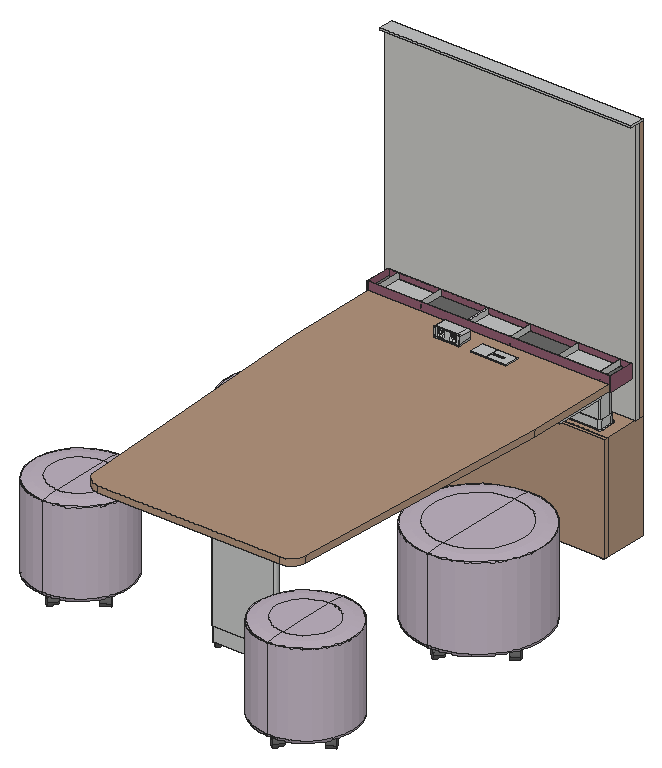
Revit family "Expansion_Casegoods-Meeting_01-Teknion-R2018", category Furniture Systems, Revit 2018
Family settings
  Round Connector Dimension = Use Diameter
  Part Type = Normal
  OmniClass Number = 23.40.70.14.64.21
  OmniClass Title = Systems Furniture
  Work Plane-Based = No
  Always vertical = Yes
  Cut with Voids When Loaded = No
  Shared = Yes
  Room Calculation Point = No
Parameters (values of type "Meeting 01")
  Warranty = "http://www.teknion.com/ca/papers/legal-canada"
  Unit Weight URL = "http://www.teknion.com/ca/tools/assets#&asset=bee6a381-b954-425e-8283-5a2de3a804f2,f828d448-4b62-4231-9e5f-9a8991c0ed77"
  URL = "www.teknion.com"
  To render please download texture images found here [instance] = "https://assets.teknion.com/web/5e81352c1dfdb467/revit-material-swatches/"
  Sustainability Data = "https://www.teknion.com/ca/tools/assets#&topic=216f99a5-57a0-44fc-b10a-9dee9b29ae4c&asset=444deb64-fe58-4b68-981e-f75e97781df7,b4ff2d81-9f2e-437d-9659-7cffb09c31cf"
  Series = "Expansion Casegoods"  # constant formula
  Product Page URL = "https://www.teknionplanningtool.com/#?Meeting-01-ExpCasegoods"
  Product Line = "Expansion Casegoods"  # constant formula
  Model = "Expansion Casegoods Meeting 01"
  Material Finish Note [instance] = "Click on Edit Family to change the finishes."  # constant formula
  Manufacturer Phone = "416-661-3370"  # constant formula
  Manufacturer Fax = "416.661.4586"  # constant formula
  Manufacturer Contact Information = "http://www.teknion.com/ca/contactus"
  Manufacturer Address = "1150 Flint Road, Toronto, ON. M3J 2J5. Canada"  # constant formula
  Manufacturer = "Teknion"  # constant formula
  How To Use Teknion Materials User Guide [instance] = "https://assets.teknion.com/m/205dd0a49fa58060/original/How-to-add-a-Material-Library-and-Texture-Images-to-your-Revit-project.pdf"
  For Additional Finishes please visit [instance] = "https://assets.teknion.com/m/44a8009b046e5d47/original/Teknion_Materials_Library.zip"
  Description = "6'-6” x 6'-6”"
  Assembly Code = "E2020200"
Reference planes (in)
  plane 1 "Center F/B": y = 3.80936
  plane 2: z = 0
  plane 3 "Center L/R": x = -4.63608
  plane 4 "Top": z = 29
  plane 5: x = -42.48552
  plane 6: y = -38.32902
  plane 7: y = 45.94774
  plane 8: x = 33.21336
Dimensions and locks (in)
  locked: plane 4 "Top" to level at 29
  equal spacing: plane 5, plane 3 "Center L/R", plane 8
  equal spacing: plane 7, plane 1 "Center F/B", plane 6
  plane 5 to plane 8 = 75.69888"
  plane 7 to plane 6 = 84.27676"
  aligned and locked: level to plane 2
Nested families (in)
  nested 1: "Seating-Collaborative_Ottoman-Teknion-NCOR-R2015" at (-23.3767, 20.89464, 0), type "Med. 24" Dia., Lounge 18-1/2" h, Single Upholstery"
  nested 2: "Caster_Wheel-Collaborative_Ottoman-Teknion-NCOR_dna-R2015" at (-29.2548, 28.98462, 0), type "Caster"
    with Caster Finish Plastic - Teknion - 52 - Ebony
  nested 3: "Caster_Wheel-Collaborative_Ottoman-Teknion-NCOR_dna-R2015" at (-13.86155, 17.80028, 0) x (0.5878, -0.809, 0) z (0, 0, 1), type "Caster"
    with Caster Finish Plastic - Teknion - 52 - Ebony
  nested 4: "Caster_Wheel-Collaborative_Ottoman-Teknion-NCOR_dna-R2015" at (-32.89806, 17.80086, 0) x (0.9511, -0.3089, 0) z (0, 0, 1), type "Caster"
    with Caster Finish Plastic - Teknion - 52 - Ebony
  nested 5: "Caster_Wheel-Collaborative_Ottoman-Teknion-NCOR_dna-R2015" at (-23.37916, 10.89384, 0) x (0.809, -0.5878, 0) z (0, 0, 1), type "Caster"
    with Caster Finish Plastic - Teknion - 52 - Ebony
  nested 6: "Workstations-Multi_Level-Teknion-BH_MT_Peninusla_Bevel_Post_Leg_Mid_Height-R2018" at (1.37498, 11.13459, 0), type "1-3/16" Worksurface Thickness, Mid-Height Configuration, End of Worksurface - Rectangular & Square Grommet"
    with Worksurface Finish Source Laminate - Teknion - 3M - Provincial Oak, Width 75.000", To render please download texture images found here "https://assets.teknion.com/web/5e81352c1dfdb467/revit-material-swatches/", Shared Outlets for Regular Powebar and IEC Powerbar no, Powerbar Note "Please select one of the following below.", No Powerbar yes, Integrated Powerbar with IEC Outlet no, Integrated Powerbar no, How To Use Teknion Materials User Guide "https://assets.teknion.com/m/205dd0a49fa58060/original/How-to-add-a-Material-Library-and-Texture-Images-to-your-Revit-project.pdf", Height 28.000", Grommet Finish Paint - Teknion - Mica - Platinum, For Additional Finishes please visit "https://assets.teknion.com/m/44a8009b046e5d47/original/Teknion_Materials_Library.zip", Depth 46.000", Connection Node Visibility yes, Base Finish Paint - Teknion - Mica - Platinum, Available Widths "69, 75, 81, or 87 inches.", Available Heights "26 to 48 inches in 1 inch increments.", Available Depths "40 or 46 inches.", Actual Height 27.807", Actual Depth 45.760"
  nested 7: "Workstations-Multi_Level-Teknion-BHKHA-Mid_Height_Kneespace_Module-R2018" at (-0.48828, 41.21348, 0), type "9"d x 21"h"
    with Width 48.000", To render please download texture images found here "https://assets.teknion.com/web/5e81352c1dfdb467/revit-material-swatches/", How To Use Teknion Materials User Guide "https://assets.teknion.com/m/205dd0a49fa58060/original/How-to-add-a-Material-Library-and-Texture-Images-to-your-Revit-project.pdf", Front Finish Source Laminate - Teknion - 3M - Provincial Oak, For Additional Finishes please visit "https://assets.teknion.com/m/44a8009b046e5d47/original/Teknion_Materials_Library.zip", Connection Node Visibility yes, Case Finish Source Laminate - Teknion - 3M - Provincial Oak, Cabinet Hole Offset 2.334", Cabinet Divider Cut Hole Depth 0.500", Cabinet Divider 2D Lines no, Available Widths "42, 48, 54, 60, 66, 72, 78, 84, or 90 inches.", Actual Width 47.760"
  nested 8: "Storage-Mounted-Teknion-B_WPA-Wall_Panel-R2018" at (-0.6056, 45.43677, 0), type "Mid-Height Mounting Style"
    with Width 48.000", Top and Accessory Rail Finish Paint - Teknion - Mica - Platinum, Tackboard Upholstery Finish Fabric-Teknion-RB13-Carrera, Tackboard Bottom Starting Offset 21.000", Power/Data Visibility no, Power/Data Plan View Offset 23.880", Power and Data Under Worksurface - Right no, Power and Data Under Worksurface - Left no, Power and Data Under Worksurface - Center no, Power and Data Over Worksurface - Right no, Power and Data Over Worksurface - Left no, Power and Data Over Worksurface - Center no, Power Data Height Offset 3.480", Porcelain/Glass Markerboard Visibility no, Panel Finish Source Laminate - Teknion - 3M - Provincial Oak, No Power and Data yes, Linear LED Light Width Type none, Light Shelf Note "Light Shelf can only be specified if the Has Top Shelf & Accessory Rail option is selected above.", Has Porcelain Markerboard no, Has No Accessory Board no, Has Linear LED Light no, Has Light Shelf no, Has Glass Markerboard no, Has Felt Tackboard yes, Has Fabric Tackboard no, Has Accessory Rail no, Glass Markerboard Finish Back-painted Glass - K7 - Teknion - Very White, Fabric/Felt Tackboard Visibility yes, Datum Height Note "Select either 66 Datum Height or 72 Datum Height.", Bottom of Standard Overhead Cabinet mounted at 72" no, Bottom of Standard Overhead Cabinet mounted at 66" no, Bottom of Cubic Overhead Cabinet mounted at 72" no, Bottom of Cubic Overhead Cabinet mounted at 66" no, Available Widths "24, 30, 36, 42, 48, 54, 60, 66, 72, 78, 84, or 90 inches.", Available Electrical Options "Choose No Power and Data.", Actual Width 47.760", Actual Height 71.626", Accessories Note "Choose one of the following options below.", 72" Datum Height yes, 66" Datum Height no
  nested 9: "Desk_Accessories-Teknion-BALWO_Lateral_Worksurface_Organizer-R2018" at (-0.45206, 41.76866, 28.996) x (0, 1, 0) z (0, 0, 1), type "Lateral Worksurface Organizer"
    with Top End Bay Visibility yes, To render please download texture images found here "https://assets.teknion.com/web/5e81352c1dfdb467/revit-material-swatches/", Sliding Tray Finish Paint - Teknion - Mica - Platinum, Organizer Finish Paint - Teknion - Accent - Plum, Liner Finish Fabric-Teknion-RB11-Carbon, How To Use Teknion Materials User Guide "https://assets.teknion.com/m/205dd0a49fa58060/original/How-to-add-a-Material-Library-and-Texture-Images-to-your-Revit-project.pdf", For Additional Finishes please visit "https://assets.teknion.com/m/44a8009b046e5d47/original/Teknion_Materials_Library.zip", Depth 46.000", Center Bay Visibility yes, Bottom End Bay Visibility yes, Available Depths "17, 21, 23, 24, 27, 29, 30, 35, 36, 40, 41, or 46 inches.", Actual Depth 46.242"
  nested 10: "Electrical-Teknion-BEEPC_Power_Cube-R2018" at (-4.6303, 35.46485, 28.996), type "Dual - Power Only"
    with To render please download texture images found here "https://assets.teknion.com/web/5e81352c1dfdb467/revit-material-swatches/", How To Use Teknion Materials User Guide "https://assets.teknion.com/m/205dd0a49fa58060/original/How-to-add-a-Material-Library-and-Texture-Images-to-your-Revit-project.pdf", For Additional Finishes please visit "https://assets.teknion.com/m/44a8009b046e5d47/original/Teknion_Materials_Library.zip", Case, Back & Front Finish Paint - Teknion - Mica - Platinum
  nested 11: "Seating-Collaborative_Ottoman-Teknion-NCOR-R2015" at (21.24021, 9.52342, 0), type "Med. 24" Dia., Lounge 18-1/2" h, Single Upholstery"
  nested 12: "Caster_Wheel-Collaborative_Ottoman-Teknion-NCOR_dna-R2015" at (15.36212, 17.6134, 0), type "Caster"
    with Caster Finish Plastic - Teknion - 52 - Ebony
  nested 13: "Caster_Wheel-Collaborative_Ottoman-Teknion-NCOR_dna-R2015" at (30.75536, 6.42906, 0) x (0.5878, -0.809, 0) z (0, 0, 1), type "Caster"
    with Caster Finish Plastic - Teknion - 52 - Ebony
  nested 14: "Caster_Wheel-Collaborative_Ottoman-Teknion-NCOR_dna-R2015" at (11.71886, 6.42963, 0) x (0.9511, -0.3089, 0) z (0, 0, 1), type "Caster"
    with Caster Finish Plastic - Teknion - 52 - Ebony
  nested 15: "Caster_Wheel-Collaborative_Ottoman-Teknion-NCOR_dna-R2015" at (21.23776, -0.47739, 0) x (0.809, -0.5878, 0) z (0, 0, 1), type "Caster"
    with Caster Finish Plastic - Teknion - 52 - Ebony
  nested 16: "Seating-Collaborative_Ottoman-Teknion-NCOR-R2015" at (-33.49321, -16.68673, 0), type "Small 18" Dia., Lounge 18-1/2" h, Single Upholstery"
  nested 17: "Caster_Wheel-Collaborative_Ottoman-Teknion-NCOR_dna-R2015" at (-37.60795, -11.0238, 0), type "Caster"
    with Caster Finish Plastic - Teknion - 52 - Ebony
  nested 18: "Caster_Wheel-Collaborative_Ottoman-Teknion-NCOR_dna-R2015" at (-26.8313, -18.85425, 0) x (0.5878, -0.809, 0) z (0, 0, 1), type "Caster"
    with Caster Finish Plastic - Teknion - 52 - Ebony
  nested 19: "Caster_Wheel-Collaborative_Ottoman-Teknion-NCOR_dna-R2015" at (-40.16147, -18.85325, 0) x (0.9511, -0.3089, 0) z (0, 0, 1), type "Caster"
    with Caster Finish Plastic - Teknion - 52 - Ebony
  nested 20: "Caster_Wheel-Collaborative_Ottoman-Teknion-NCOR_dna-R2015" at (-33.49566, -23.68753, 0) x (0.809, -0.5878, 0) z (0, 0, 1), type "Caster"
    with Caster Finish Plastic - Teknion - 52 - Ebony
  nested 21: "Seating-Collaborative_Ottoman-Teknion-NCOR-R2015" at (19.45555, -29.3423, 0), type "Small 18" Dia., Lounge 18-1/2" h, Single Upholstery"
  nested 22: "Caster_Wheel-Collaborative_Ottoman-Teknion-NCOR_dna-R2015" at (15.34081, -23.67937, 0), type "Caster"
    with Caster Finish Plastic - Teknion - 52 - Ebony
  nested 23: "Caster_Wheel-Collaborative_Ottoman-Teknion-NCOR_dna-R2015" at (26.11746, -31.50983, 0) x (0.5878, -0.809, 0) z (0, 0, 1), type "Caster"
    with Caster Finish Plastic - Teknion - 52 - Ebony
  nested 24: "Caster_Wheel-Collaborative_Ottoman-Teknion-NCOR_dna-R2015" at (12.7873, -31.50882, 0) x (0.9511, -0.3089, 0) z (0, 0, 1), type "Caster"
    with Caster Finish Plastic - Teknion - 52 - Ebony
  nested 25: "Caster_Wheel-Collaborative_Ottoman-Teknion-NCOR_dna-R2015" at (19.4531, -36.34311, 0) x (0.809, -0.5878, 0) z (0, 0, 1), type "Caster"
    with Caster Finish Plastic - Teknion - 52 - Ebony
Definition of nested family "Seating-Collaborative_Ottoman-Teknion-NCOR-R2015"
  Parameters (values of type "Med. 24" Dia., Teknion dna 16" h, Single Upholstery")
    Wheel Placement = if(Diameter = 24.000", 8.4375", 6.09375")  # 8.4375"
    Warranty = "http://www.teknion.com/ca/papers/legal-canada"
    Upholstery Note = "If Single Upholstery Style, Base and Top Upholstery Finish must be the same."  # constant formula
    Top Upholstery Style = none
    Unit Weight URL = "http://www.teknion.com/ca/tools/assets#&asset=bee6a381-b954-425e-8283-5a2de3a804f2f828d448-4b62-4231-9e5f-9a8991c0ed77"
    URL = "www.teknion.com"
    Sustainability Data = "http://www.teknion.com/ca/tools/assets#&topic=216f99a5-57a0-44fc-b10a-"
    Series = "Teknion"  # constant formula
    Product Page URL = "http://www.teknion.com/ca/products/product-details?productlineid=af6e336e-8e7a-673b-a6c8-ff00004460c4"
    Product Line = "Seating"  # constant formula
    Product Documentation Link = "http://www.teknion.com/pricing/seating/pdfs/Collaborative_Ottoman_ppg.pdf"
    Part Number = "NCOR"  # constant formula
    Model = "NCORMDS"
    Manufacturer Phone = "416-661-3370"  # constant formula
    Manufacturer Fax = "416.661.4586"  # constant formula
    Manufacturer Contact Information = "http://www.teknion.com/ca/contactus"
    Manufacturer Address = "1150 Flint Road, Toronto, ON. M3J 2J5. Canada"  # constant formula
    Manufacturer = "Teknion"  # constant formula
    Height = 16.000"
    Diameter = 24.000"
    Description = "Collaborative Ottoman - Round (Single Upholstery), Med. 24\" Dia., Teknion dna 16\" h"
    Caster Finish = none
    Base Upholstery Style = none
    Back Caster Horizontal Offset = if(Diameter = 24.000", 5.37109", 4.13672")  # 5.37109"
    Assembly Code = "E2020200"
  Types (8): name | Wheel Placement | Sustainability Data | Model | Height | Diameter | Description | Back Caster Horizontal Offset
    Med. 24" Dia., Teknion dna 16" h, Single Upholstery | 8.4375" | "http://www.teknion.com/ca/tools/assets#&topic=216f99a5-57a0-44fc-b10a-" | "NCORMDS" | 16.000" | 24.000" | "Collaborative Ottoman - Round (Single Upholstery), Med. 24\" Dia., Teknion dna 16\" h" | 5.37109"
    Small 18" Dia., Lounge 18-1/2" h, Double Upholstery | 6.09375" | "http://www.teknion.com/ca/tools/assets#&topic=216f99a5-57a0-44fc-b10a-9dee9b29ae4c&asset=444deb64-fe58-4b68-981e-f75e97781df7" | "NCORSLD" | 18.500" | 18.000" | "Collaborative Ottoman - Round (Double Upholstery), Small 18\" Dia., Lounge 18-1/2\" h" | 4.13672"
    Small 18" Dia., Teknion dna 16" h, Double Upholstery | 6.09375" | "http://www.teknion.com/ca/tools/assets#&topic=216f99a5-57a0-44fc-b10a-9dee9b29ae4c&asset=444deb64-fe58-4b68-981e-f75e97781df7" | "NCORSDD" | 16.000" | 18.000" | "Collaborative Ottoman - Round (Double Upholstery), Small 18\" Dia., Teknion dna 16\" h" | 4.13672"
    Med. 24" Dia., Lounge 18-1/2" h, Double Upholstery | 8.4375" | "http://www.teknion.com/ca/tools/assets#&topic=216f99a5-57a0-44fc-b10a-9dee9b29ae4c&asset=444deb64-fe58-4b68-981e-f75e97781df7" | "NCORMLD" | 18.500" | 24.000" | "Collaborative Ottoman - Round (Single Upholstery), Med. 24\" Dia., Lounge 18-1/2\" h" | 5.37109"
    Med. 24" Dia., Teknion dna 16" h, Double Upholstery | 8.4375" | "http://www.teknion.com/ca/tools/assets#&topic=216f99a5-57a0-44fc-b10a-9dee9b29ae4c&asset=444deb64-fe58-4b68-981e-f75e97781df7" | "NCORMDD" | 16.000" | 24.000" | "Collaborative Ottoman - Round (Double Upholstery), Med. 24\" Dia., Teknion dna 16\" h" | 5.37109"
    Small 18" Dia., Lounge 18-1/2" h, Single Upholstery | 6.09375" | "http://www.teknion.com/ca/tools/assets#&topic=216f99a5-57a0-44fc-b10a-" | "NCORSLS" | 18.500" | 18.000" | "Collaborative Ottoman - Round (Single Upholstery), Small 18\" Dia., Lounge 18-1/2\" h" | 4.13672"
    Small 18" Dia., Teknion dna 16" h, Single Upholstery | 6.09375" | "http://www.teknion.com/ca/tools/assets#&topic=216f99a5-57a0-44fc-b10a-" | "NCORSDS" | 16.000" | 18.000" | "Collaborative Ottoman - Round (Single Upholstery), Small 18\" Dia., Teknion dna 16\" h" | 4.13672"
    Med. 24" Dia., Lounge 18-1/2" h, Single Upholstery | 8.4375" | "http://www.teknion.com/ca/tools/assets#&topic=216f99a5-57a0-44fc-b10a-9dee9b29ae4c&asset=444deb64-fe58-4b68-981e-f75e97781df7" | "NCORMDS" | 18.500" | 24.000" | "Collaborative Ottoman - Round (Single Upholstery), Med. 24\" Dia., Lounge 18-1/2\" h" | 5.37109"
  Reference planes (in)
    plane 1 "Center Front/Back": y = 0
    plane 2: z = 0
    plane 3 "Center Left/Right": x = 0
    plane 4 "Left": x = -12
    plane 5 "Right": x = 12
    plane 6 "Back": y = 12
    plane 7 "Front": y = -12
    plane 8 "Top": z = 16
    plane 9 "B/O Seat": z = 2
    plane 10 "B/O Support Bracket": z = 1.9
    plane 11 "B/O Cylinder": z = 0.31
    plane 12: through (9.98103, -4.38143, 48) normal (-0.309, -0.9511, 0)
    plane 13: through (-9.98103, -4.38143, 48) normal (-0.309, 0.9511, 0)
    plane 14: through (-6.25622, 6.76899, 48) normal (-0.809, -0.5878, 0)
    plane 15: through (6.25622, 6.76899, 48) normal (-0.809, 0.5878, 0)
    plane 16: through (0, 0, 48) normal (-0.9511, -0.309, 0)
    plane 17: y = -10.86
  Forms (in)
    Revolve 1, solid, material <- "Base Upholstery Style"
      sketch origin (0, 0, 0) x (0, 1, 0) y (0, 0, 1)
        loop
          line (12, 2.44035) -> (12, 15.56011)
          arc (12, 15.56011) -> (11.99393, 15.59387) -> (11.97956, 15.625) r 0.13495
          line (11.97956, 15.625) -> (0, 15.625) -> (0, 2) -> (11.55965, 2)
          arc (11.55965, 2) -> (11.87102, 2.12898) -> (12, 2.44035) r 0.44035
        axis (0, 15.625) -> (0, 2)
      angle from 0 to 360
    Revolve 2, solid, material <- "Top Upholstery Style"
      sketch origin (0, 0, 0) x (0, 1, 0) y (0, 0, 1)
        loop
          line (0, 15.625) -> (11.97956, 15.625)
          arc (11.97956, 15.625) -> (10.27343, 15.90597) -> (8.54688, 16) r 15.89856
          line (8.54688, 16) -> (0, 16) -> (0, 15.625)
        axis (0, 16) -> (0, 15.625)
      angle from 0 to 360
    Extrusion 3, solid, material <- "Caster Finish"
      sketch origin (0, 0, 2) x (0.587785, -0.809017, 0) y (0.809017, 0.587785, 0)
        loop
          line (-4.38171, 9.98191) -> (-3.85851, 8.37166)
          arc (-3.85851, 8.37166) -> (-3.7411, 8.23419) -> (-3.56087, 8.21999) r 0.23622
          line (-3.56087, 8.21999) -> (-1.96381, 8.73853)
          arc (-1.96381, 8.73853) -> (-1.81607, 8.85261) -> (-1.79837, 9.03842) r 0.23459
          line (-1.79837, 9.03842) -> (-2.32234, 10.65104)
          arc (-2.32234, 10.65104) -> (-2.43976, 10.78852) -> (-2.61999, 10.8027) r 0.23622
          line (-2.61999, 10.8027) -> (-4.23005, 10.27956)
          arc (-4.23005, 10.27956) -> (-4.36753, 10.16215) -> (-4.38171, 9.98191) r 0.23622
      from 0 to -0.1
    Extrusion 4, solid, material <- "Caster Finish"
      sketch origin (0.28845, 5.78385, 1.9) x (0.809017, 0.587785, 0) y (0.587785, -0.809017, 0)
        loop
          circle (5.87797, 1.41905) r 0.21628
      from 0 to 1.59
    Extrusion 5, solid, material <- "Caster Finish"
      sketch origin (-5.8562, 7.23017, 48) x (-1, 0, 0) y (0, 0, 1)
        loop
          circle (-12.48511, -47.27077) r 0.72835
      from 0 to 1.72
  Cuts and joins
    joined: Extrusion 4, Extrusion 5
  Lines and regions (in)
    Masking region 1
      outline origin (0, 6.67162, 1.9) x (-1, 0, 0) y (0, -1, 0)
        loop
          circle (0, 6.67162) r 12
    symbolic lines, detail levels fine
      curve 1: arc (6.0529, 8.21792, 1.9) -> (5.7508, 8.26577, 1.9) -> (5.70295, 7.96367, 1.9) r 0.21628
      curve 2: arc (5.70295, 7.96367, 1.9) -> (6.00505, 7.91582, 1.9) -> (6.0529, 8.21792, 1.9) r 0.21628
      curve 3: arc (-5.94493, 8.29568, 1.9) -> (-6.08379, 8.02315, 1.9) -> (-5.81126, 7.88428, 1.9) r 0.21628
      curve 4: arc (-5.81126, 7.88428, 1.9) -> (-5.6724, 8.15682, 1.9) -> (-5.94493, 8.29568, 1.9) r 0.21628
      curve 5: line (5.90002, 8.95017, 1.9) -> (7.35672, 8.95017, 1.9)
      curve 6: line (5.90002, 7.23017, 1.9) -> (5.90002, 7.87564, 1.9)
      curve 7: line (7.35672, 7.23017, 1.9) -> (5.90002, 7.23017, 1.9)
      curve 8: line (7.35672, 8.95017, 1.9) -> (7.35672, 7.23017, 1.9)
      curve 9: line (-5.85666, 8.94972, 1.9) -> (-4.39994, 8.94972, 1.9)
      curve 10: line (-5.85666, 7.22972, 1.9) -> (-5.85666, 7.87476, 1.9)
      curve 11: line (-4.39994, 7.22972, 1.9) -> (-5.85666, 7.22972, 1.9)
      curve 12: line (-4.39994, 8.94972, 1.9) -> (-4.39994, 7.22972, 1.9)
      curve 13: line (-5.85666, 8.3052, 1.9) -> (-5.85666, 8.94972, 1.9)
      curve 14: line (5.90002, 8.30594, 1.9) -> (5.90002, 8.95017, 1.9)
      curve 31: arc (9.64326, -2.9197, 1.9) -> (9.34116, -2.96757, 1.9) -> (9.38904, -3.26967, 1.9) r 0.21628
      curve 32: arc (9.38904, -3.26967, 1.9) -> (9.69114, -3.2218, 1.9) -> (9.64326, -2.9197, 1.9) r 0.21628
      curve 33: line (11.07947, -3.78481, 1.9) -> (10.22316, -2.60638, 1.9)
      curve 34: line (10.22316, -2.60638, 1.9) -> (9.70242, -2.98477, 1.9)
      curve 35: line (8.83182, -3.6174, 1.9) -> (9.68814, -4.79583, 1.9)
      curve 36: line (9.68814, -4.79583, 1.9) -> (11.07947, -3.78481, 1.9)
      curve 45: line (9.35408, -3.2379, 1.9) -> (8.83182, -3.6174, 1.9)
      curve 54: arc (-9.52037, -2.87718, 1.9) -> (-9.73664, -3.09348, 1.9) -> (-9.52034, -3.30974, 1.9) r 0.21628
      curve 55: arc (-9.52034, -3.30974, 1.9) -> (-9.30407, -3.09344, 1.9) -> (-9.52037, -2.87718, 1.9) r 0.21628
      curve 56: line (-7.8497, -2.7321, 1.9) -> (-9.23514, -2.28205, 1.9)
      curve 57: line (-9.23514, -2.28205, 1.9) -> (-9.76674, -3.91858, 1.9)
      curve 58: line (-9.76674, -3.91858, 1.9) -> (-8.38131, -4.36863, 1.9)
      curve 59: line (-8.38131, -4.36863, 1.9) -> (-7.8497, -2.7321, 1.9)
      curve 68: arc (0.06544, -9.79511, 1.9) -> (-0.2071, -9.93397, 1.9) -> (-0.06823, -10.2065, 1.9) r 0.21628
      curve 69: arc (-0.06823, -10.2065, 1.9) -> (0.2043, -10.06764, 1.9) -> (0.06544, -9.79511, 1.9) r 0.21628
      curve 70: line (1.69873, -10.17409, 1.9) -> (0.52023, -9.31786, 1.9)
      curve 71: line (0.52023, -9.31786, 1.9) -> (-0.49076, -10.70937, 1.9)
      curve 72: line (-0.49076, -10.70937, 1.9) -> (0.68774, -11.5656, 1.9)
      curve 73: line (0.68774, -11.5656, 1.9) -> (1.69873, -10.17409, 1.9)
    symbolic lines, detail levels medium+fine
      curve 15: arc (-5.49628, 9.41381, 1.9) -> (-5.65045, 9.50845, 1.9) -> (-5.82636, 9.46626, 1.9) r 0.2362
      curve 16: line (-5.82636, 9.46626, 1.9) -> (-7.19925, 8.46884, 1.9)
      curve 17: arc (-7.19925, 8.46884, 1.9) -> (-7.29371, 8.31468, 1.9) -> (-7.25151, 8.13888, 1.9) r 0.23622
      curve 18: line (-7.25151, 8.13888, 1.9) -> (-6.25633, 6.76908, 1.9)
      curve 19: arc (-6.25633, 6.76908, 1.9) -> (-6.10215, 6.67456, 1.9) -> (-5.92629, 6.71676, 1.9) r 0.23628
      curve 20: line (-5.92629, 6.71676, 1.9) -> (-4.56575, 7.70495, 1.9)
      curve 21: arc (-4.56575, 7.70495, 1.9) -> (-4.46048, 7.85916, 1.9) -> (-4.50114, 8.04139, 1.9) r 0.23459
      curve 22: line (-4.50114, 8.04139, 1.9) -> (-5.49628, 9.41381, 1.9)
      curve 23: line (7.19958, 8.46929, 1.9) -> (5.82998, 9.46436, 1.9)
      curve 24: arc (5.82998, 9.46436, 1.9) -> (5.65418, 9.50656, 1.9) -> (5.50003, 9.4121, 1.9) r 0.23622
      curve 25: line (5.50003, 9.4121, 1.9) -> (4.50474, 8.0422, 1.9)
      curve 26: arc (4.50474, 8.0422, 1.9) -> (4.46252, 7.86636, 1.9) -> (4.557, 7.71217, 1.9) r 0.23628
      curve 27: line (4.557, 7.71217, 1.9) -> (5.91532, 6.72513, 1.9)
      curve 28: arc (5.91532, 6.72513, 1.9) -> (6.09445, 6.67266, 1.9) -> (6.25518, 6.76756, 1.9) r 0.23459
      curve 29: line (6.25518, 6.76756, 1.9) -> (7.25184, 8.13934, 1.9)
      curve 30: arc (7.25184, 8.13934, 1.9) -> (7.29404, 8.31514, 1.9) -> (7.19958, 8.46929, 1.9) r 0.23622
      curve 37: arc (9.045, -1.80287, 1.9) -> (8.86476, -1.81707, 1.9) -> (8.74736, -1.95456, 1.9) r 0.23622
      curve 38: line (8.22428, -3.56484, 1.9) -> (8.74736, -1.95456, 1.9)
      curve 39: arc (8.22428, -3.56484, 1.9) -> (8.23847, -3.74507, 1.9) -> (8.37594, -3.86248, 1.9) r 0.23622
      curve 40: line (9.97717, -4.38302, 1.9) -> (8.37587, -3.86286, 1.9)
      curve 41: arc (9.97717, -4.38302, 1.9) -> (10.16366, -4.37736, 1.9) -> (10.28704, -4.23741, 1.9) r 0.23459
      curve 42: line (10.81079, -2.62508, 1.9) -> (10.28704, -4.23741, 1.9)
      curve 43: arc (10.81079, -2.62508, 1.9) -> (10.79671, -2.44473, 1.9) -> (10.65917, -2.32722, 1.9) r 0.23622
      curve 44: line (9.045, -1.80287, 1.9) -> (10.65917, -2.32722, 1.9)
      curve 46: arc (-10.66083, -2.32529, 1.9) -> (-10.7983, -2.44272, 1.9) -> (-10.81247, -2.62296, 1.9) r 0.23622
      curve 47: line (-10.66083, -2.32529, 1.9) -> (-9.04674, -1.80071, 1.9)
      curve 48: arc (-8.749, -1.95257, 1.9) -> (-8.8664, -1.81493, 1.9) -> (-9.04674, -1.80071, 1.9) r 0.23622
      curve 49: line (-8.749, -1.95257, 1.9) -> (-8.22502, -3.56482, 1.9)
      curve 50: arc (-8.39012, -3.86476, 1.9) -> (-8.24257, -3.75057, 1.9) -> (-8.22502, -3.56482, 1.9) r 0.23459
      curve 51: line (-8.39012, -3.86476, 1.9) -> (-9.98937, -4.38452, 1.9)
      curve 52: arc (-10.28915, -4.23317, 1.9) -> (-10.17076, -4.37113, 1.9) -> (-9.98944, -4.38414, 1.9) r 0.23622
      curve 53: line (-10.28915, -4.23317, 1.9) -> (-10.81247, -2.62296, 1.9)
      curve 60: line (-0.8486, -8.91775, 1.9) -> (0.8486, -8.91775, 1.9)
      curve 61: line (0.83509, -11.08368, 1.9) -> (-0.84674, -11.08368, 1.9)
      curve 62: line (-1.08482, -10.84708, 1.9) -> (-1.08482, -9.15397, 1.9)
      curve 63: line (1.08482, -9.15397, 1.9) -> (1.08482, -10.84958, 1.9)
      curve 64: arc (1.08482, -9.15397, 1.9) -> (1.01563, -8.98694, 1.9) -> (0.8486, -8.91775, 1.9) r 0.23622
      curve 65: arc (-0.8486, -8.91775, 1.9) -> (-1.01563, -8.98694, 1.9) -> (-1.08482, -9.15397, 1.9) r 0.23622
      curve 66: arc (-1.08482, -10.84708, 1.9) -> (-1.01498, -11.01477, 1.9) -> (-0.84674, -11.0833, 1.9) r 0.23622
      curve 67: arc (0.83509, -11.08368, 1.9) -> (1.01067, -11.02073, 1.9) -> (1.08482, -10.84958, 1.9) r 0.23459
  Dimensions and locks (in)
    "Diameter": plane 4 "Left" to plane 5 "Right"
    "Diameter": plane 6 "Back" to plane 7 "Front"
    "Height": plane 8 "Top" to level
    locked: plane 9 "B/O Seat" to plane 2 at 2
    equal spacing: plane 6 "Back", plane 1 "Center Front/Back", plane 7 "Front"
    equal spacing: plane 4 "Left", plane 3 "Center Left/Right", plane 5 "Right"
    locked: plane 10 "B/O Support Bracket" to plane 9 "B/O Seat" at 0.1
    locked: plane 10 "B/O Support Bracket" to plane 11 "B/O Cylinder" at 1.59
    Extrusion 3 sketch curve to Extrusion 3 sketch curve to Extrusion 3 sketch curve to Extrusion 3 sketch curve = 0.00412" locked, 1.69149" locked, 0.00162" locked
    locked: Revolve 1 to Extrusion 3 sketch curve at 0.9164
    locked: Extrusion 3 to Extrusion 4 sketch curve at 1.08306
    locked: Extrusion 3 to Extrusion 4 sketch curve at 1.08237
    locked: plane 7 "Front" to plane 17 at 1.14
    Extrusion 3 to Extrusion 5 to Extrusion 5 to Extrusion 3 = 0.55931" locked, 1.720" locked, 0.5593" locked
    "Back Caster Horizontal Offset": Extrusion 5 sketch curve to plane 5 "Right"
    locked: Revolve 1 to nested 1 at 0.91695
    locked: Revolve 1 sketch curve to plane 6 "Back" at 0.44035
    locked: plane 8 "Top" to Revolve 1 sketch curve at 0.375
    locked: Revolve 2 sketch curve to Revolve 2 sketch curve at 0.375
    locked: Revolve 1 to nested 2 at 0.90707
    locked: Revolve 1 to nested 3 at 0.90625
    locked: Extrusion 5 sketch curve to plane 2 at 0.72923
    locked: nested 4 to plane 3 "Center Left/Right" at 1.08482
    locked: plane 7 "Front" to nested 4 at 0.91632
    locked: plane 15 to Extrusion 3 sketch curve (angle 90.00°)
    locked: Extrusion 3 sketch curve to plane 15 (angle 90.0043°)
    locked: plane 14 to curve 20 (angle 89.9918°)
    aligned and locked: level to plane 2
    aligned and locked: Revolve 1 sketch curve to plane 6 "Back"
    aligned and locked: plane 8 "Top" to Revolve 2 sketch curve
    aligned and locked: Extrusion 3 sketch curve to plane 15
    aligned and locked: plane 14 to nested 1
    aligned and locked: plane 9 "B/O Seat" to Revolve 1 sketch curve
    aligned and locked: curve 9 to nested 1
    aligned and locked: curve 11 to nested 1
    aligned and locked: curve 25 to Extrusion 3
    aligned and locked: curve 23 to Extrusion 3
    aligned and locked: curve 29 to Extrusion 3
    aligned and locked: Extrusion 3 to curve 27
    aligned and locked: curve 31 to nested 2
    aligned and locked: curve 32 to nested 2
    aligned and locked: curve 34 to nested 2
    aligned and locked: curve 35 to nested 2
    aligned and locked: curve 36 to nested 2
    aligned and locked: curve 37 to nested 2
    aligned and locked: curve 39 to nested 2
    aligned and locked: curve 40 to nested 2
    aligned and locked: curve 41 to nested 2
    aligned and locked: curve 43 to nested 2
    aligned and locked: curve 34 to curve 45
    aligned and locked: curve 46 to nested 3
    aligned and locked: curve 48 to nested 3
    aligned and locked: curve 50 to nested 3
    aligned and locked: curve 51 to nested 3
    aligned and locked: curve 52 to nested 3
    aligned and locked: curve 54 to nested 3
    aligned and locked: curve 55 to nested 3
    aligned and locked: curve 57 to nested 3
    aligned and locked: curve 58 to nested 3
    aligned and locked: curve 59 to nested 3
    aligned and locked: plane 9 "B/O Seat" to Extrusion 3
    aligned and locked: plane 10 "B/O Support Bracket" to Extrusion 3
    aligned and locked: Extrusion 4 to plane 11 "B/O Cylinder"
    aligned and locked: Extrusion 4 to plane 10 "B/O Support Bracket"
    aligned and locked: Masking region 1 sketch curve to Revolve 1  (x2)
    aligned and locked: curve 61 to nested 4
    aligned and locked: curve 64 to nested 4
    aligned and locked: curve 65 to nested 4
    aligned and locked: curve 66 to nested 4
    aligned and locked: curve 67 to nested 4
    aligned and locked: curve 68 to nested 4
    aligned and locked: curve 69 to nested 4
    aligned and locked: curve 71 to nested 4
    aligned and locked: curve 72 to nested 4
    aligned and locked: curve 73 to nested 4
  Automatic sketch dimensions
    Revolve 1 sketch curve to plane 1 "Center Front/Back" = 0.000"  (x2)
    Revolve 1 sketch curve to plane 6 "Back" = 0.13478"
    Revolve 1 sketch curve to plane 6 "Back" = 0.02044"
    Revolve 1 sketch curve to Revolve 1 sketch curve = 0.0068"
    Revolve 1 sketch curve to level = 17.5613"
    plane 8 "Top" to Revolve 1 sketch curve = 28.65523"
    Revolve 2 sketch curve to plane 1 "Center Front/Back" = 0.000"  (x2)
    Revolve 2 sketch curve to plane 6 "Back" = 3.45312"
    Revolve 2 sketch curve to plane 6 "Back" = 0.02044"
    Revolve 2 sketch curve to level = 3.750"
    plane 8 "Top" to Revolve 2 sketch curve = 1.250"
    Extrusion 3 sketch curve to Extrusion 3 sketch curve = 0.15166"
    Extrusion 3 sketch curve to Extrusion 3 sketch curve = 0.073"  (x4)
    Extrusion 3 sketch curve to Extrusion 3 sketch curve = 0.22466"  (x2)
    Extrusion 3 sketch curve to Extrusion 3 sketch curve = 0.07249"
    Extrusion 3 sketch curve to Extrusion 3 sketch curve = 0.07305"
    Extrusion 3 sketch curve to Extrusion 3 sketch curve = 0.00007"
    Extrusion 3 sketch curve to Extrusion 3 sketch curve = 0.05767"
    Extrusion 3 sketch curve to Extrusion 3 sketch curve = 0.00022"
    Extrusion 3 sketch curve to Extrusion 3 sketch curve = 0.22311"
    curve 14 to curve 1 = 0.0221"
    curve 6 to curve 1 = 0.0221"
    curve 11 to curve 3 = 0.02144"
    curve 9 to curve 3 = 0.02144"
    curve 6 to curve 7 = 0.64547"
    curve 1 to curve 14 = 0.15288"
    curve 6 to curve 1 = 0.19707"
    curve 4 to curve 10 = 0.0454"
    curve 13 to curve 3 = 0.08827"
    plane 14 to curve 19 = 0.00004"
    curve 11 to curve 22 = 0.10121"
    curve 21 to curve 20 = 0.0646"
    curve 22 to curve 21 = 0.18972"
    curve 22 to curve 9 = 0.36038"
    curve 15 to curve 16 = 0.13885"
    curve 10 to curve 20 = 0.06963"
    curve 19 to curve 19 = 0.13886"  (x2)
    curve 17 to curve 16 = 0.13885"
    curve 16 to curve 22 = 0.05245"
    curve 22 to curve 11 = 0.81167"
    curve 22 to curve 21 = 0.13799"
    plane 14 to curve 17 = 0.000"
    curve 15 to curve 15 = 0.19123"
    curve 17 to curve 17 = 0.19111"
    curve 16 to curve 17 = 0.32995"
    curve 9 to curve 15 = 1.09634"
    curve 4 to curve 17 = 1.11547"
    curve 16 to curve 9 = 0.51654"
    curve 30 to curve 23 = 0.05226"
    curve 30 to curve 30 = 0.19111"
    curve 29 to curve 28 = 0.18979"
    curve 28 to curve 27 = 0.15007"
    curve 5 to curve 23 = 0.07004"
    curve 24 to curve 24 = 0.13885"
    curve 26 to curve 27 = 0.1389"
    curve 26 to curve 25 = 0.19116"
    curve 23 to curve 5 = 0.51419"
    curve 24 to curve 25 = 0.05226"
    curve 23 to curve 30 = 0.32995"
    curve 25 to curve 1 = 0.07854"
    curve 26 to curve 26 = 0.13888"
    curve 28 to curve 29 = 0.13789"
    curve 1 to curve 2 = 0.000"
    curve 3 to curve 4 = 0.000"
    curve 27 to curve 6 = 0.0153"
    curve 5 to curve 30 = 0.29599"
    curve 16 to curve 16 = 0.99742"
    curve 9 to curve 3 = 0.85974"
    curve 1 to curve 25 = 0.04859"
    curve 13 to curve 3 = 0.21522"
    curve 32 to curve 31 = 0.12711"
    curve 31 to curve 31 = 0.12711"
    curve 37 to curve 37 = 0.07298"
    curve 37 to curve 37 = 0.22466"
    curve 38 to curve 45 = 0.05256"
    curve 39 to curve 39 = 0.073"
    curve 39 to curve 40 = 0.00007"
    curve 33 to curve 42 = 0.0187"
    curve 43 to curve 42 = 0.0732"
    curve 43 to curve 43 = 0.07298"
    curve 42 to curve 41 = 0.22315"
    curve 46 to curve 46 = 0.07301"
    curve 46 to curve 46 = 0.22465"
    curve 48 to curve 47 = 0.07301"
    curve 48 to curve 48 = 0.22472"
    curve 50 to curve 50 = 0.07262"
    curve 50 to curve 51 = 1.59925"
    curve 51 to curve 52 = 0.00007"
    curve 52 to curve 52 = 0.22465"
    curve 54 to curve 54 = 0.00002"  (x2)
    curve 48 to curve 56 = 0.26141"
    curve 61 to plane 3 "Center Left/Right" = 0.84674"
    curve 61 to curve 66 = 0.000"
    plane 3 "Center Left/Right" to curve 68 = 0.06544"
    curve 68 to plane 3 "Center Left/Right" = 0.06823"
    curve 64 to curve 71 = 0.32837"
    radius of Extrusion 4 sketch curve = 0.21628"
    radius of Extrusion 5 sketch curve = 0.72835"
  Nested families (in)
    nested 1: "Caster_Wheel-Collaborative_Ottoman-Teknion-NCOR_dna-R2015" at (-5.87809, 8.08998, 0), Caster Finish <- "Caster Finish", type "Caster"
      with Caster Finish none
    nested 2: "Caster_Wheel-Collaborative_Ottoman-Teknion-NCOR_dna-R2015" at (9.51515, -3.09436, 0) x (0.5878, -0.809, 0) z (0, 0, 1), Caster Finish <- "Caster Finish", type "Caster"
      with Caster Finish none
    nested 3: "Caster_Wheel-Collaborative_Ottoman-Teknion-NCOR_dna-R2015" at (-9.52136, -3.09378, 0) x (0.9511, -0.3089, 0) z (0, 0, 1), Caster Finish <- "Caster Finish", type "Caster"
      with Caster Finish none
    nested 4: "Caster_Wheel-Collaborative_Ottoman-Teknion-NCOR_dna-R2015" at (-0.00245, -10.00081, 0) x (0.809, -0.5878, 0) z (0, 0, 1), type "Caster"
      with Caster Finish none
  Definition of nested family "Caster_Wheel-Collaborative_Ottoman-Teknion-NCOR_dna-R2015"
    Parameters (values of type "Caster")
      Width = 0.000"
      Warranty = "http://www.teknion.com/ca/papers/legal-canada"
      Unit Weight URL = "http://www.teknion.com/ca/tools/assets#&asset=bee6a381-b954-425e-8283-5a2de3a804f2f828d448-4b62-4231-9e5f-9a8991c0ed77"
      URL = "www.teknion.com"
      Sustainability Data = ""
      Series = ""
      Product Page URL = ""
      Product Line = ""
      Product Documentation Link = ""
      Part Number = ""
      Manufacturer Phone = "416-661-3370"  # constant formula
      Manufacturer Fax = "416.661.4586"  # constant formula
      Manufacturer Contact Information = "http://www.teknion.com/ca/contactus"
      Manufacturer Address = "1150 Flint Road, Toronto, ON. M3J 2J5. Canada"  # constant formula
      Manufacturer = "Teknion"  # constant formula
      Length = 0.000"
      Height = 63.000"
      Depth = 0.000"
      Caster Finish [instance] = none
      Assembly Code = "E2020200"
    Reference planes (in)
      plane 1 "Center Front/Back": y = 0
      plane 2: z = 0
      plane 3 "Center Left/Right": x = 0
      plane 4 "Left": x = -51
      plane 5 "Right": x = 51
      plane 6 "Back": y = 41.78173
      plane 7 "Front": y = -41.78173
      plane 8 "Top": z = 63
    Forms (in)
      Extrusion 1, solid, material <- "Caster Finish"
        sketch origin (5.87842, -8.09043, 2) x (0.951057, 0.309017, 0) y (-0.309017, 0.951057, 0)
          loop
            line (-4.38171, 9.98191) -> (-3.85851, 8.37166)
            arc (-3.85851, 8.37166) -> (-3.7411, 8.23419) -> (-3.56087, 8.21999) r 0.23622
            line (-3.56087, 8.21999) -> (-1.95945, 8.73993)
            arc (-1.95945, 8.73993) -> (-1.81192, 8.85406) -> (-1.79429, 9.03975) r 0.23459
            line (-1.79429, 9.03975) -> (-2.31826, 10.65237)
            arc (-2.31826, 10.65237) -> (-2.43568, 10.78984) -> (-2.61592, 10.80403) r 0.23622
            line (-2.61592, 10.80403) -> (-4.23005, 10.27956)
            arc (-4.23005, 10.27956) -> (-4.36753, 10.16215) -> (-4.38171, 9.98191) r 0.23622
        from 0 to -0.1
      Extrusion 2, solid, material <- "Caster Finish"
        sketch origin (0.46679, -6.02879, 1.9) x (-0.309017, 0.951057, 0) y (0.951057, 0.309017, 0)
          loop
            circle (5.87829, 1.42005) r 0.21628
        from 0 to 1.59
      Extrusion 3, solid, material <- "Caster Finish"
        sketch origin (0.02222, -0.86026, 48) x (-1, 0, 0) y (0, 0, 1)
          loop
            circle (-0.72756, -47.27165) r 0.72835
        from 0 to 1.72
    Dimensions and locks (in)
      plane 4 "Left" to plane 5 "Right" = 102.000"
      plane 6 "Back" to plane 7 "Front" = 83.56345"
      "Height": plane 8 "Top" to level
      Extrusion 1 sketch curve to Extrusion 1 sketch curve to Extrusion 1 sketch curve to Extrusion 1 sketch curve = 0.52259", 1.08765", 0.52446"
      locked: Extrusion 1 to Extrusion 2 sketch curve at 1.08306
      locked: Extrusion 1 to Extrusion 2 sketch curve at 1.08622
      locked: Extrusion 3 sketch curve to Extrusion 1 at 1.27165
      Extrusion 1 to Extrusion 3 sketch curve = 0.98633"
      locked: Extrusion 1 sketch curve to Extrusion 1 sketch curve (angle 90.00°)  (x3)
      angle Extrusion 1 sketch curve to Extrusion 1 sketch curve = 90.00°
      aligned and locked: level to plane 2
    Automatic sketch dimensions
      Extrusion 1 sketch curve to plane 3 "Center Left/Right" = 1.37341"
      Extrusion 1 sketch curve to plane 1 "Center Front/Back" = 0.0489"
      Extrusion 1 sketch curve to Extrusion 1 sketch curve = 0.15166"
      Extrusion 1 sketch curve to Extrusion 1 sketch curve = 0.073"  (x4)
      Extrusion 1 sketch curve to Extrusion 1 sketch curve = 0.22466"  (x2)
      Extrusion 1 sketch curve to Extrusion 1 sketch curve = 0.05795"
      Extrusion 1 sketch curve to Extrusion 1 sketch curve = 0.22311"
      Extrusion 1 sketch curve to Extrusion 1 sketch curve = 0.07249"
      Extrusion 1 sketch curve to Extrusion 1 sketch curve = 0.07298"
      Extrusion 1 sketch curve to Extrusion 1 sketch curve = 0.0019"
      Extrusion 1 sketch curve to Extrusion 1 sketch curve = 0.00022"
      plane 3 "Center Left/Right" to Extrusion 3 sketch curve = 0.74979"
      radius of Extrusion 2 sketch curve = 0.21628"
      radius of Extrusion 3 sketch curve = 0.72835"
Definition of nested family "Caster_Wheel-Collaborative_Ottoman-Teknion-NCOR_dna-R2015"
  Parameters (values of type "Caster")
    Width = 0.000"
    Warranty = "http://www.teknion.com/ca/papers/legal-canada"
    Unit Weight URL = "http://www.teknion.com/ca/tools/assets#&asset=bee6a381-b954-425e-8283-5a2de3a804f2f828d448-4b62-4231-9e5f-9a8991c0ed77"
    URL = "www.teknion.com"
    Sustainability Data = ""
    Series = ""
    Product Page URL = ""
    Product Line = ""
    Product Documentation Link = ""
    Part Number = ""
    Manufacturer Phone = "416-661-3370"  # constant formula
    Manufacturer Fax = "416.661.4586"  # constant formula
    Manufacturer Contact Information = "http://www.teknion.com/ca/contactus"
    Manufacturer Address = "1150 Flint Road, Toronto, ON. M3J 2J5. Canada"  # constant formula
    Manufacturer = "Teknion"  # constant formula
    Length = 0.000"
    Height = 63.000"
    Depth = 0.000"
    Caster Finish [instance] = none
    Assembly Code = "E2020200"
  Reference planes (in)
    plane 1 "Center Front/Back": y = 0
    plane 2: z = 0
    plane 3 "Center Left/Right": x = 0
    plane 4 "Left": x = -51
    plane 5 "Right": x = 51
    plane 6 "Back": y = 41.78173
    plane 7 "Front": y = -41.78173
    plane 8 "Top": z = 63
  Forms (in)
    Extrusion 1, solid, material <- "Caster Finish"
      sketch origin (5.87842, -8.09043, 2) x (0.951057, 0.309017, 0) y (-0.309017, 0.951057, 0)
        loop
          line (-4.38171, 9.98191) -> (-3.85851, 8.37166)
          arc (-3.85851, 8.37166) -> (-3.7411, 8.23419) -> (-3.56087, 8.21999) r 0.23622
          line (-3.56087, 8.21999) -> (-1.95945, 8.73993)
          arc (-1.95945, 8.73993) -> (-1.81192, 8.85406) -> (-1.79429, 9.03975) r 0.23459
          line (-1.79429, 9.03975) -> (-2.31826, 10.65237)
          arc (-2.31826, 10.65237) -> (-2.43568, 10.78984) -> (-2.61592, 10.80403) r 0.23622
          line (-2.61592, 10.80403) -> (-4.23005, 10.27956)
          arc (-4.23005, 10.27956) -> (-4.36753, 10.16215) -> (-4.38171, 9.98191) r 0.23622
      from 0 to -0.1
    Extrusion 2, solid, material <- "Caster Finish"
      sketch origin (0.46679, -6.02879, 1.9) x (-0.309017, 0.951057, 0) y (0.951057, 0.309017, 0)
        loop
          circle (5.87829, 1.42005) r 0.21628
      from 0 to 1.59
    Extrusion 3, solid, material <- "Caster Finish"
      sketch origin (0.02222, -0.86026, 48) x (-1, 0, 0) y (0, 0, 1)
        loop
          circle (-0.72756, -47.27165) r 0.72835
      from 0 to 1.72
  Dimensions and locks (in)
    plane 4 "Left" to plane 5 "Right" = 102.000"
    plane 6 "Back" to plane 7 "Front" = 83.56345"
    "Height": plane 8 "Top" to level
    Extrusion 1 sketch curve to Extrusion 1 sketch curve to Extrusion 1 sketch curve to Extrusion 1 sketch curve = 0.52259", 1.08765", 0.52446"
    locked: Extrusion 1 to Extrusion 2 sketch curve at 1.08306
    locked: Extrusion 1 to Extrusion 2 sketch curve at 1.08622
    locked: Extrusion 3 sketch curve to Extrusion 1 at 1.27165
    Extrusion 1 to Extrusion 3 sketch curve = 0.98633"
    locked: Extrusion 1 sketch curve to Extrusion 1 sketch curve (angle 90.00°)  (x3)
    angle Extrusion 1 sketch curve to Extrusion 1 sketch curve = 90.00°
    aligned and locked: level to plane 2
  Automatic sketch dimensions
    Extrusion 1 sketch curve to plane 3 "Center Left/Right" = 1.37341"
    Extrusion 1 sketch curve to plane 1 "Center Front/Back" = 0.0489"
    Extrusion 1 sketch curve to Extrusion 1 sketch curve = 0.15166"
    Extrusion 1 sketch curve to Extrusion 1 sketch curve = 0.073"  (x4)
    Extrusion 1 sketch curve to Extrusion 1 sketch curve = 0.22466"  (x2)
    Extrusion 1 sketch curve to Extrusion 1 sketch curve = 0.05795"
    Extrusion 1 sketch curve to Extrusion 1 sketch curve = 0.22311"
    Extrusion 1 sketch curve to Extrusion 1 sketch curve = 0.07249"
    Extrusion 1 sketch curve to Extrusion 1 sketch curve = 0.07298"
    Extrusion 1 sketch curve to Extrusion 1 sketch curve = 0.0019"
    Extrusion 1 sketch curve to Extrusion 1 sketch curve = 0.00022"
    plane 3 "Center Left/Right" to Extrusion 3 sketch curve = 0.74979"
    radius of Extrusion 2 sketch curve = 0.21628"
    radius of Extrusion 3 sketch curve = 0.72835"
Definition of nested family "Workstations-Multi_Level-Teknion-BH_MT_Peninusla_Bevel_Post_Leg_Mid_Height-R2018"
  Parameters (values of type "1-9/16" Worksurface Thickness, Mid-Height Configuration, No Grommet")
    Worksurface Thickness = 1.555"
    Worksurface Finish [instance] = none
    Width [instance] = 69.000"
    Warranty = "http://www.teknion.com/ca/papers/legal-canada"
    Unit Weight URL = "http://www.teknion.com/ca/tools/assets#&asset=bee6a381-b954-425e-8283-5a2de3a804f2,f828d448-4b62-4231-9e5f-9a8991c0ed77"
    URL = "www.teknion.com"
    To render please download texture images found here [instance] = "https://assets.teknion.com/web/5e81352c1dfdb467/revit-material-swatches/"
    Sustainability Data = "https://www.teknion.com/ca/tools/assets#&topic=216f99a5-57a0-44fc-b10a-9dee9b29ae4c&asset=444deb64-fe58-4b68-981e-f75e97781df7,b4ff2d81-9f2e-437d-9659-7cffb09c31cf"
    Square Grommet Cut-out Hole Depth = if([Has End of Worksurface - Rectangular & Square], 6.000", 0.500")  # 0.500"
    Shared Outlets for Regular Powebar and IEC Powerbar [instance] = or(Integrated Powerbar with IEC Outlet, Integrated Powerbar)  # yes
    Series = "Expansion Casegoods"  # constant formula
    Product Page URL = "https://www.teknion.com/ca/products/product-details?productLineId=0053336e-8e7a-673b-a6c8-ff00004460c4"
    Product Line = "Expansion Casegoods"  # constant formula
    Product Documentation Link = "https://www.teknion.com/pricing/expansion-casegoods/pdfs/BH_MT_ppg.pdf"
    Powerbar Note [instance] = "Please select one of the following below."  # constant formula
    Part Number = "BH_MT"  # constant formula
    No Powerbar [instance] = not(or(Integrated Powerbar with IEC Outlet, Integrated Powerbar))  # no
    Model = "BHXMTK____N_E_"
    Manufacturer Phone = "416-661-3370"  # constant formula
    Manufacturer Fax = "416.661.4586"  # constant formula
    Manufacturer Contact Information = "http://www.teknion.com/ca/contactus"
    Manufacturer Address = "1150 Flint Road, Toronto, ON. M3J 2J5. Canada"  # constant formula
    Manufacturer = "Teknion"  # constant formula
    Integrated Powerbar with IEC Outlet [instance] = no
    Integrated Powerbar [instance] = yes
    How To Use Teknion Materials User Guide [instance] = "https://assets.teknion.com/m/205dd0a49fa58060/original/How-to-add-a-Material-Library-and-Texture-Images-to-your-Revit-project.pdf"
    Height [instance] = 28.000"
    Has No Grommet = not([Has End of Worksurface - Rectangular & Square])  # yes
    Has End of Worksurface - Rectangular & Square = no
    Grommet Finish [instance] = none
    For Additional Finishes please visit [instance] = "https://assets.teknion.com/m/44a8009b046e5d47/original/Teknion_Materials_Library.zip"
    Description = "Height-Adjustable Meeting Peninsula – Bevel Post Leg – Mid-Height, 1-9/16\" Worksurface Thickness, Mid-Height Configuration, No Grommet, Extended Range- 26\" to 48\""
    Depth [instance] = 40.000"
    Connection Node Visibility [instance] = yes
    Base Finish [instance] = none
    Available Widths [instance] = "69, 75, 81, or 87 inches."  # constant formula
    Available Heights [instance] = "26 to 48 inches in 1 inch increments."  # constant formula
    Available Depths [instance] = "40 or 46 inches."  # constant formula
    Assembly Code = "E2020200"
    Actual Height [instance] = Height - 0.193"  # 27.807"
    Actual Depth [instance] = if(Depth = 40.000", 39.790", 45.760")  # 39.790"
  Types (5): name | Worksurface Thickness | Square Grommet Cut-out Hole Depth | Model | Has No Grommet | Has End of Worksurface - Rectangular & Square | Description
    (no name) | 1.555" | 0.500" | "BHXMTK____N_E_" | yes | no | "Height-Adjustable Meeting Peninsula – Bevel Post Leg – Mid-Height, 1-9/16\" Worksurface Thickness, Mid-Height Configuration, No Grommet, Extended Range- 26\" to 48\""
    1-9/16" Worksurface Thickness, Mid-Height Configuration, End of Worksurface - Rectangular & Square Grommet | 1.555" | 6.000" | "BHXMTK____F_E_" | no | yes | "Height-Adjustable Meeting Peninsula – Bevel Post Leg – Mid-Height, 1-9/16\" Worksurface Thickness, Mid-Height Configuration, End of Worksurface - Rectangular & Square Grommet, Extended Range- 26\" to 48\""
    1-3/16" Worksurface Thickness, Mid-Height Configuration, End of Worksurface - Rectangular & Square Grommet | 1.189" | 6.000" | "BHMMTK____F_E_" | no | yes | "Height-Adjustable Meeting Peninsula – Bevel Post Leg – Mid-Height, 1-3/16\" Worksurface Thickness, Mid-Height Configuration, End of Worksurface - Rectangular & Square Grommet, Extended Range- 26\" to 48\""
    1-3/16" Worksurface Thickness, Mid-Height Configuration, No Grommet | 1.189" | 0.500" | "BHMMTK____N_E_" | yes | no | "Height-Adjustable Meeting Peninsula – Bevel Post Leg – Mid-Height, 1-3/16\" Worksurface Thickness, Mid-Height Configuration, No Grommet, Extended Range- 26\" to 48\""
    1-9/16" Worksurface Thickness, Mid-Height Configuration, No Grommet | 1.555" | 0.500" | "BHXMTK____N_E_" | yes | no | "Height-Adjustable Meeting Peninsula – Bevel Post Leg – Mid-Height, 1-9/16\" Worksurface Thickness, Mid-Height Configuration, No Grommet, Extended Range- 26\" to 48\""
  Reference planes (in)
    plane 1 "Center Front/Back": y = -2.68685
    plane 2: z = 0
    plane 3 "Center Left/Right": x = -1.98841
    plane 4 "Left": x = -21.88341
    plane 5 "Right": x = 17.90659
    plane 6 "Back": y = 31.81315
    plane 7 "Front": y = -37.18685
    plane 8 "Top": z = 27.807
    plane 9: z = 29.362
    plane 10: z = 32.362
  Forms (in)
    Sweep 1, solid, material <- "Worksurface Finish"
      path origin (0, -2.68685, 0) x (1, 0, 0) y (0, 0, 1)
        loop
          line (-1.98841, 29.362) -> (-1.98841, 27.807)
      profile origin (-1.98841, -2.68685, 28.5845) x (0, -1, 0) y (1, 0, 0)
        loop
          line (34.5, -14.29485) -> (34.5, 14.29485)
          arc (34.5, 14.29485) -> (33.71884, 16.26499) -> (31.79986, 17.16453) r 2.875
          line (31.79986, 17.16453) -> (-13.01123, 19.895) -> (-34.5, 19.895) -> (-34.5, -19.895) -> (-13.01123, -19.895) -> (31.79986, -17.16453)
          arc (31.79986, -17.16453) -> (33.71884, -16.26499) -> (34.5, -14.29485) r 2.875
    Sweep 2, solid, material <- "Base Finish"
      path origin (-1.98841, 0, 0) x (0, 1, 0) y (0, 0, 1)
        loop
          line (-22.8324, 0.60236) -> (-22.8324, 3.44873)
      profile origin (-1.98841, -22.8324, 2.02555) x (0, -1, 0) y (1, 0, 0)
        loop
          arc (0.67491, -5.95568) -> (1.00671, -6.08305) -> (1.22059, -5.79921) r 0.29528
          line (1.22059, -5.79921) -> (1.22059, 5.79921)
          arc (1.22059, 5.79921) -> (1.00671, 6.08305) -> (0.67491, 5.95568) r 0.29528
          line (0.67491, 5.95568) -> (-1.22059, 2.92225) -> (-1.22059, -2.92225) -> (0.67491, -5.95568)
    Sweep 3, solid, material <- "Base Finish"
      path origin (-1.98841, 0, 0) x (0, 1, 0) y (0, 0, 1)
        loop
          line (-22.8324, 3.44873) -> (-22.8324, 27.61802)
      profile origin (-1.98841, -22.8324, 15.53338) x (0, -1, 0) y (1, 0, 0)
        loop
          line (-1.35445, -2.96063) -> (0.56139, -6.02662)
          arc (0.56139, -6.02662) -> (1.0436, -6.21172) -> (1.35445, -5.79921) r 0.42913
          line (1.35445, -5.79921) -> (1.35445, 5.79921)
          arc (1.35445, 5.79921) -> (1.0436, 6.21172) -> (0.56139, 6.02662) r 0.42913
          line (0.56139, 6.02662) -> (-1.35445, 2.96063) -> (-1.35445, -2.96063)
    Sweep 4, solid
      path origin (-1.98841, 0, 0) x (0, 1, 0) y (0, 0, 1)
        loop
          line (-23.61462, 0) -> (-23.61462, 0.60236)
      profile origin (-1.98841, -23.61462, 0.30118) x (0, -1, 0) y (1, 0, 0)
        loop
          circle (-0.0137, -5.24899) r 0.5
        loop
          circle (-0.0137, 5.24899) r 0.5
    Sweep 5, solid, material <- "Base Finish"
      path origin (-1.98841, 0, 0) x (0, 1, 0) y (0, 0, 1)
        loop
          line (29.14386, 1.61811) -> (29.14386, 27.807)
      profile origin (-1.98841, 29.14386, 14.71256) x (0, -1, 0) y (1, 0, 0)
        loop
          arc (-1.35827, -18.11451) -> (-1.28504, -18.29128) -> (-1.10827, -18.36451) r 0.25
          line (-1.10827, -18.36451) -> (1.10827, -18.36451)
          arc (1.10827, -18.36451) -> (1.28504, -18.29128) -> (1.35827, -18.11451) r 0.25
          line (1.35827, -18.11451) -> (1.35827, -10.74049)
          arc (1.35827, -10.74049) -> (1.28504, -10.56372) -> (1.10827, -10.49049) r 0.25
          line (1.10827, -10.49049) -> (-1.10827, -10.49049)
          arc (-1.10827, -10.49049) -> (-1.28504, -10.56372) -> (-1.35827, -10.74049) r 0.25
          line (-1.35827, -10.74049) -> (-1.35827, -18.11451)
    Sweep 6, solid, material <- "Base Finish"
      path origin (-1.98841, 0, 0) x (0, 1, 0) y (0, 0, 1)
        loop
          line (29.14386, 21) -> (29.14386, 21.07874)
      profile origin (-1.98841, 29.14386, 21.03937) x (0, -1, 0) y (1, 0, 0)
        loop
          arc (-1.83071, -18.28183) -> (-1.66812, -18.67436) -> (-1.27559, -18.83695) r 0.55512
          line (-1.27559, -18.83695) -> (1.27559, -18.83695)
          arc (1.27559, -18.83695) -> (1.66812, -18.67436) -> (1.83071, -18.28183) r 0.55512
          line (1.83071, -18.28183) -> (1.83071, -10.57317)
          arc (1.83071, -10.57317) -> (1.66812, -10.18064) -> (1.27559, -10.01805) r 0.55512
          line (1.27559, -10.01805) -> (-1.27559, -10.01805)
          arc (-1.27559, -10.01805) -> (-1.66812, -10.18064) -> (-1.83071, -10.57317) r 0.55512
          line (-1.83071, -10.57317) -> (-1.83071, -18.28183)
    Sweep 7, solid, material <- "Base Finish"
      path origin (-1.98841, 0, 0) x (0, 1, 0) y (0, 0, 1)
        loop
          line (29.14386, 22.5748) -> (29.14386, 21.07874)
      profile origin (-1.98841, 29.14386, 21.82677) x (1, 0, 0) y (0, 1, 0)
        loop
          line (-10.74049, 1.55512) -> (-18.11451, 1.55512)
          arc (-18.11451, 1.55512) -> (-18.43048, 1.42424) -> (-18.56136, 1.10827) r 0.44685
          line (-18.56136, 1.10827) -> (-18.56136, -1.10827)
          arc (-18.56136, -1.10827) -> (-18.43048, -1.42424) -> (-18.11451, -1.55512) r 0.44685
          line (-18.11451, -1.55512) -> (-10.74049, -1.55512)
          arc (-10.74049, -1.55512) -> (-10.42452, -1.42424) -> (-10.29364, -1.10827) r 0.44685
          line (-10.29364, -1.10827) -> (-10.29364, 1.10827)
          arc (-10.29364, 1.10827) -> (-10.42452, 1.42424) -> (-10.74049, 1.55512) r 0.44685
    Sweep 8, solid, material <- "Base Finish"
      path origin (26.86659, 0, 0) x (0, 1, 0) y (0, 0, 1)
        loop
          line (29.14386, 1.61811) -> (29.14386, 27.807)
      profile origin (26.86659, 29.14386, 14.71256) x (0, -1, 0) y (1, 0, 0)
        loop
          arc (-1.35827, -18.11451) -> (-1.28504, -18.29128) -> (-1.10827, -18.36451) r 0.25
          line (-1.10827, -18.36451) -> (1.10827, -18.36451)
          arc (1.10827, -18.36451) -> (1.28504, -18.29128) -> (1.35827, -18.11451) r 0.25
          line (1.35827, -18.11451) -> (1.35827, -10.74049)
          arc (1.35827, -10.74049) -> (1.28504, -10.56372) -> (1.10827, -10.49049) r 0.25
          line (1.10827, -10.49049) -> (-1.10827, -10.49049)
          arc (-1.10827, -10.49049) -> (-1.28504, -10.56372) -> (-1.35827, -10.74049) r 0.25
          line (-1.35827, -10.74049) -> (-1.35827, -18.11451)
    Sweep 9, solid, material <- "Base Finish"
      path origin (26.86659, 0, 0) x (0, 1, 0) y (0, 0, 1)
        loop
          line (29.14386, 21) -> (29.14386, 21.07874)
      profile origin (26.86659, 29.14386, 21.03937) x (0, -1, 0) y (1, 0, 0)
        loop
          arc (-1.83071, -18.28183) -> (-1.66812, -18.67436) -> (-1.27559, -18.83695) r 0.55512
          line (-1.27559, -18.83695) -> (1.27559, -18.83695)
          arc (1.27559, -18.83695) -> (1.66812, -18.67436) -> (1.83071, -18.28183) r 0.55512
          line (1.83071, -18.28183) -> (1.83071, -10.57317)
          arc (1.83071, -10.57317) -> (1.66812, -10.18064) -> (1.27559, -10.01805) r 0.55512
          line (1.27559, -10.01805) -> (-1.27559, -10.01805)
          arc (-1.27559, -10.01805) -> (-1.66812, -10.18064) -> (-1.83071, -10.57317) r 0.55512
          line (-1.83071, -10.57317) -> (-1.83071, -18.28183)
    Sweep 10, solid, material <- "Base Finish"
      path origin (26.86659, 0, 0) x (0, 1, 0) y (0, 0, 1)
        loop
          line (29.14386, 22.5748) -> (29.14386, 21.07874)
      profile origin (26.86659, 29.14386, 21.82677) x (1, 0, 0) y (0, 1, 0)
        loop
          line (-10.74049, 1.55512) -> (-18.11451, 1.55512)
          arc (-18.11451, 1.55512) -> (-18.43048, 1.42424) -> (-18.56136, 1.10827) r 0.44685
          line (-18.56136, 1.10827) -> (-18.56136, -1.10827)
          arc (-18.56136, -1.10827) -> (-18.43048, -1.42424) -> (-18.11451, -1.55512) r 0.44685
          line (-18.11451, -1.55512) -> (-10.74049, -1.55512)
          arc (-10.74049, -1.55512) -> (-10.42452, -1.42424) -> (-10.29364, -1.10827) r 0.44685
          line (-10.29364, -1.10827) -> (-10.29364, 1.10827)
          arc (-10.29364, 1.10827) -> (-10.42452, 1.42424) -> (-10.74049, 1.55512) r 0.44685
    Sweep 11, solid, material <- "Base Finish"
      path origin (-1.98841, 0, 0) x (0, 1, 0) y (0, 0, 1)
        loop
          line (-2.68685, 25.99598) -> (-2.68685, 27.807)
      profile origin (-1.98841, -2.68685, 26.90149) x (0, -1, 0) y (1, 0, 0)
        loop
          line (-22.06693, -12.14404) -> (-30.47244, -12.14404) -> (-30.47244, -18.11451)
          arc (-30.47244, -18.11451) -> (-30.54566, -18.29128) -> (-30.72244, -18.36451) r 0.25
          line (-30.72244, -18.36451) -> (-20.96457, -18.36451) -> (-20.96457, -6.29921) -> (15.22047, -6.29921) -> (15.22047, -5.19685) -> (-20.96457, -5.19685) -> (-20.96457, 5.19685) -> (15.22047, 5.19685) -> (15.22047, 6.29921) -> (-20.96457, 6.29921) -> (-20.96457, 18.36451) -> (-30.72244, 18.36451)
          arc (-30.72244, 18.36451) -> (-30.54566, 18.29128) -> (-30.47244, 18.11451) r 0.25
          line (-30.47244, 18.11451) -> (-30.47244, 12.14404) -> (-22.06693, 12.14404) -> (-22.06693, -12.14404)
    Sweep 12, solid, material <- "Base Finish"
      path origin (-1.98841, 0, 0) x (0, 1, 0) y (0, 0, 1)
        loop
          line (-22.8324, 27.61802) -> (-22.8324, 27.807)
      profile origin (-1.98841, -22.8324, 27.71251) x (0, -1, 0) y (1, 0, 0)
        loop
          line (-4.92508, -6.29921) -> (3.81508, -6.29921) -> (3.81508, 6.29921) -> (-4.92508, 6.29921) -> (-4.92508, -6.29921)
